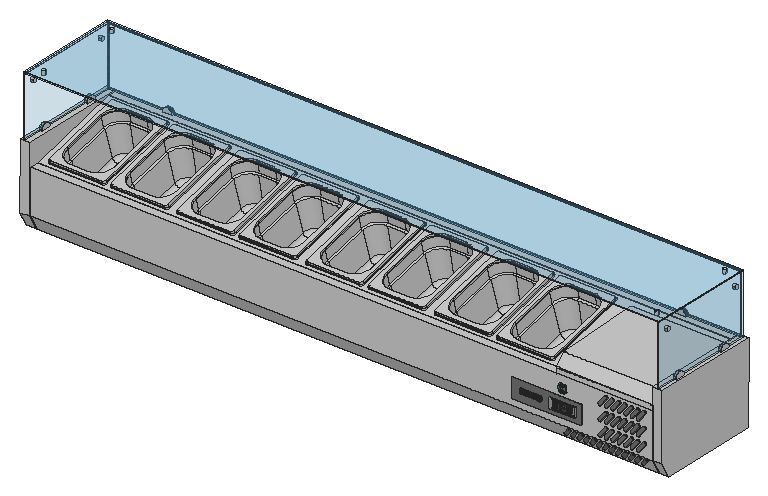
Revit family "QF_BLIZZARD_TOP2000-14CR", category Specialty Equipment, Revit 2016 (continued)
Forms (mm)
  Extrusion 69, solid
    sketch origin (779, -8.941, 113.06) x (0, -0.970921, -0.2394) y (1, 0, 0)
      loop
        line (257.939, -318) -> (257.939, -156)
        arc (257.939, -156) -> (256.181, -151.757) -> (251.939, -150) r 6
        line (251.939, -150) -> (9, -150)
        arc (9, -150) -> (4.757, -151.757) -> (3, -156) r 6
        line (3, -156) -> (3, -318)
      loop
        arc (14.985, -264.5) -> (29.043, -298.441) -> (62.985, -312.5) r 48
        line (62.985, -312.5) -> (197.954, -312.5)
        arc (197.954, -312.5) -> (231.895, -298.441) -> (245.954, -264.5) r 48
        line (245.954, -264.5) -> (245.954, -209.5)
        arc (245.954, -209.5) -> (231.895, -175.559) -> (197.954, -161.5) r 48
        line (197.954, -161.5) -> (62.985, -161.5)
        arc (62.985, -161.5) -> (29.043, -175.559) -> (14.985, -209.5) r 48
        line (14.985, -209.5) -> (14.985, -264.5)
    from 140 to 145
  Extrusion 70, solid
    sketch origin (779, -415.53, 7.657) x (0, -0.970921, -0.2394) y (1, 0, 0)
      loop
        arc (-357.015, -184.911) -> (-374.402, -192.113) -> (-381.604, -209.5) r 24.589
        line (-381.604, -209.5) -> (-381.604, -264.5)
        arc (-381.604, -264.5) -> (-374.402, -281.887) -> (-357.015, -289.089) r 24.589
        line (-357.015, -289.089) -> (-221.865, -289.089)
        arc (-221.865, -289.089) -> (-204.609, -281.941) -> (-197.461, -264.685) r 24.404
        line (-197.461, -264.685) -> (-197.461, -209.315)
        arc (-197.461, -209.315) -> (-204.609, -192.059) -> (-221.865, -184.911) r 24.404
        line (-221.865, -184.911) -> (-357.015, -184.911)
    from 0 to 2
  Sweep 71, solid
    path origin (573, -7.744, 108.205) x (0, -0.970921, -0.2394) y (1, 0, 0)
      loop
        line (62.985, -289.089) -> (197.95, -289.089)
        arc (197.95, -289.089) -> (215.337, -281.887) -> (222.539, -264.5) r 24.589
        line (222.539, -264.5) -> (222.539, -209.5)
        arc (222.539, -209.5) -> (215.337, -192.113) -> (197.95, -184.911) r 24.589
        line (197.95, -184.911) -> (62.985, -184.911)
        arc (62.985, -184.911) -> (45.598, -192.113) -> (38.396, -209.5) r 24.589
        line (38.396, -209.5) -> (38.396, -264.5)
        arc (38.396, -264.5) -> (45.598, -281.887) -> (62.985, -289.089) r 24.589
    profile origin (283.911, -134.417, 76.971) x (1, 0, 0) y (0, -0.2394, 0.970921)
      loop
        arc (0, 2) -> (-9.637, 5.845) -> (-13.981, 15.267) r 14
        line (-13.981, 15.267) -> (-18.689, 105.106) -> (-23.411, 109.828) -> (-23.411, 143) -> (-25.411, 143) -> (-25.411, 109) -> (-20.646, 104.235) -> (-15.978, 15.163)
        arc (-15.978, 15.163) -> (-11.014, 4.394) -> (0, 0) r 16
        line (0, 0) -> (0, 2)
  Extrusion 72, solid
    sketch origin (573, -8.941, 113.06) x (0, -0.970921, -0.2394) y (1, 0, 0)
      loop
        line (0, -156) -> (0, -318)
        arc (0, -318) -> (2.636, -324.364) -> (9, -327) r 9
        line (9, -327) -> (251.939, -327)
        arc (251.939, -327) -> (258.303, -324.364) -> (260.939, -318) r 9
        line (260.939, -318) -> (260.939, -156)
        arc (260.939, -156) -> (258.303, -149.636) -> (251.939, -147) r 9
        line (251.939, -147) -> (9, -147)
        arc (9, -147) -> (2.636, -149.636) -> (0, -156) r 9
      loop
        arc (14.985, -264.5) -> (29.043, -298.441) -> (62.985, -312.5) r 48
        line (62.985, -312.5) -> (198.139, -312.5)
        arc (198.139, -312.5) -> (231.949, -298.495) -> (245.954, -264.685) r 47.815
        line (245.954, -264.685) -> (245.954, -209.5)
        arc (245.954, -209.5) -> (231.895, -175.559) -> (197.954, -161.5) r 48
        line (197.954, -161.5) -> (62.985, -161.5)
        arc (62.985, -161.5) -> (29.043, -175.559) -> (14.985, -209.5) r 48
        line (14.985, -209.5) -> (14.985, -264.5)
    from 138 to 140
  Extrusion 73, solid
    sketch origin (573, -8.941, 113.06) x (0, -0.970921, -0.2394) y (1, 0, 0)
      loop
        arc (3, -318) -> (4.757, -322.243) -> (9, -324) r 6
        line (9, -324) -> (251.939, -324)
        arc (251.939, -324) -> (256.181, -322.243) -> (257.939, -318) r 6
        line (257.939, -318) -> (257.939, -156)
        arc (257.939, -156) -> (256.181, -151.757) -> (251.939, -150) r 6
        line (251.939, -150) -> (9, -150)
        arc (9, -150) -> (4.757, -151.757) -> (3, -156) r 6
        line (3, -156) -> (3, -318)
      loop
        arc (14.985, -264.5) -> (29.043, -298.441) -> (62.985, -312.5) r 48
        line (62.985, -312.5) -> (197.954, -312.5)
        arc (197.954, -312.5) -> (231.895, -298.441) -> (245.954, -264.5) r 48
        line (245.954, -264.5) -> (245.954, -209.5)
        arc (245.954, -209.5) -> (231.895, -175.559) -> (197.954, -161.5) r 48
        line (197.954, -161.5) -> (62.985, -161.5)
        arc (62.985, -161.5) -> (29.043, -175.559) -> (14.985, -209.5) r 48
        line (14.985, -209.5) -> (14.985, -264.5)
    from 140 to 145
  Extrusion 74, solid
    sketch origin (573, -415.53, 7.657) x (0, -0.970921, -0.2394) y (1, 0, 0)
      loop
        arc (-357.015, -184.911) -> (-374.402, -192.113) -> (-381.604, -209.5) r 24.589
        line (-381.604, -209.5) -> (-381.604, -264.5)
        arc (-381.604, -264.5) -> (-374.402, -281.887) -> (-357.015, -289.089) r 24.589
        line (-357.015, -289.089) -> (-221.865, -289.089)
        arc (-221.865, -289.089) -> (-204.609, -281.941) -> (-197.461, -264.685) r 24.404
        line (-197.461, -264.685) -> (-197.461, -209.315)
        arc (-197.461, -209.315) -> (-204.609, -192.059) -> (-221.865, -184.911) r 24.404
        line (-221.865, -184.911) -> (-357.015, -184.911)
    from 0 to 2
Cuts and joins
  Extrusion 39 cuts Extrusion 38
  Extrusion 39 cuts Extrusion 41
  Extrusion 39 cuts Extrusion 42
Lines and regions (mm)
  symbolic lines, style "200-EquipBorder-2D"
    curve 1: line (0, 0, 0) -> (2000, 0, 0)
    curve 2: line (0, -335, 0) -> (0, 0, 0)
    curve 3: line (2000, -335, 0) -> (0, -335, 0)
    curve 4: line (2000, 0, 0) -> (2000, -335, 0)
Dimensions and locks
  plane 3 "Left" to plane 4 "Right" = 2000 mm
  plane 5 "Front" to plane 1 "Back" = 335 mm
  plane 6 "Top" to level = 439 mm  (x2)
  plane 1 "Back" to plane 5 "Front" = 335 mm
  plane 4 "Right" to plane 3 "Left" = 2000 mm
  aligned and locked: level to plane 2
